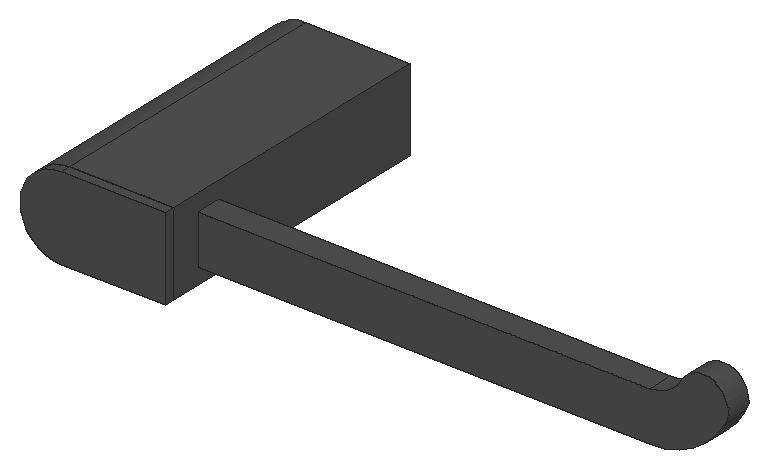
Revit family "Reece_Accessory_Mizu_Soothe_Toilet Roll Holder", category Plumbing Fixtures, host Face, Revit 2018
Family settings
  Host = Face
  Round Connector Dimension = Use Diameter
  Part Type = Normal
  Cut with Voids When Loaded = Yes
  Shared = Yes
  Room Calculation Point = Yes
Parameters (values of type "Matte Black")
  URL = "https://www.reece.com.au/product/-2268105"
  Type Comments = "Accessory\r\n"
  Reece_Product_Web Page = "https://www.reece.com.au/product/-2268105"
  Reece_Product_Type = "Accessory\r\n"  # constant formula
  Reece_Product_Sub Brand = "Soothe\r\n"  # constant formula
  Reece_Product_Number = "2268105"
  Reece_Product_Mount = "Wall Mounted"
  Reece_Product_Description = "Mizu Soothe Toilet Roll Holder Matte Black"
  Reece_Product_Brand = "Mizu\r\n"  # constant formula
  Reece_Overall_Projection = 73.5 mm  # constant formula
  Reece_Overall_Length = 163 mm  # constant formula
  Reece_Material_Main = Reece_Brass_Matte Black
  Reece_Height_From_Level [instance] = 1000 mm
  Reece_Detail_Shape = ""
  Reece_Detail_Installation = ""
  Reece_Detail_Disclaimer = "THIS FILE IS THE PROPERTY OF THE REECE GROUP. IT MAY NOT BE REPRODUCED, REVERSE-ENGINEERED OR MODIFIED. ANY REPUBLICATION, TRANSMISSION OR DISTRIBUTION FOR THE PURPOSE OF COMMERCIALLY EXPLOITING THE FILES IS PROHIBITED."  # constant formula
  Reece_Detail_Connector = ""  # constant formula
  Reece_Detail_Additional = "Toilet Roll Holder\r\n"  # constant formula
  Model = "Soothe\r\n"
  Manufacturer = "Mizu\r\n"
  Keynote = "Product #2268105, Reece_Accessory_Mizu_Soothe_Toilet Roll Holder - Matte Black"
  Disclaimer = "THIS FILE IS THE PROPERTY OF THE REECE GROUP. IT MAY NOT BE REPRODUCED, REVERSE-ENGINEERED OR MODIFIED. ANY REPUBLICATION, TRANSMISSION OR DISTRIBUTION FOR THE PURPOSE OF COMMERCIALLY EXPLOITING THE FILES IS PROHIBITED."  # constant formula
  Description = "Mizu Soothe Toilet Roll Holder Matte Black"
  Default Elevation = 0 mm
Types (3, lengths in mm): name | URL | Reece_Product_Web Page | Reece_Product_Number | Reece_Product_Description | Reece_Material_Main | Keynote | Description
  (no name) | "https://www.reece.com.au/product/-9504039" | "https://www.reece.com.au/product/-9504039" | "9504039" | "Mizu Soothe Toilet Roll Holder Chrome" | Reece_Brass_Chrome | "Product #9504039, Reece_Accessory_Mizu_Soothe_Toilet Roll Holder -  " | "Mizu Soothe Toilet Roll Holder Chrome"
  Chrome | "https://www.reece.com.au/product/-9504039" | "https://www.reece.com.au/product/-9504039" | "9504039" | "Mizu Soothe Toilet Roll Holder Chrome" | Reece_Brass_Chrome | "Product #9504039, Reece_Accessory_Mizu_Soothe_Toilet Roll Holder - Chrome" | "Mizu Soothe Toilet Roll Holder Chrome"
  Matte Black | "https://www.reece.com.au/product/-2268105" | "https://www.reece.com.au/product/-2268105" | "2268105" | "Mizu Soothe Toilet Roll Holder Matte Black" | Reece_Brass_Matte Black | "Product #2268105, Reece_Accessory_Mizu_Soothe_Toilet Roll Holder - Matte Black" | "Mizu Soothe Toilet Roll Holder Matte Black"
Reference planes
  plane 1 "Center (Front/Back)": y = 0
  plane 2 "Bottom Host Plane": z = -5
  plane 3 "Center (Left/Right)": x = 0
  plane 4 "Height From Floor": z = 1000
  plane 5: z = 1009.992
  plane 6: z = 990.008
  plane 7: y = -73.5
  plane 8: y = -37.483
  plane 9: z = 1013.558
  plane 10: x = -18.942
  plane 11: x = 144.058
  plane 12: x = 16.171
  plane 13: y = -72.487
Forms (mm)
  Sweep 1, solid, material "Reece_Brass_Matte Black" <- "Reece_Material_Main"
    path origin (656.826, 0, 1000) x (1, 0, 0) y (0, 1, 0)
      loop
        line (-656.826, 0) -> (-656.826, -70.987)
    profile origin (0, -35.493, 1000) x (1, 0, 0) y (0, 0, 1)
      loop
        line (16.171, 9.992) -> (-8.95, 9.992)
        arc (-8.95, 9.992) -> (-18.942, 0) -> (-8.95, -9.992) r 9.992
        line (-8.95, -9.992) -> (16.171, -9.992) -> (16.171, 9.992)
  Sweep 2, solid, material "Reece_Brass_Matte Black" <- "Reece_Material_Main"
    path origin (656.826, 0, 1000) x (1, 0, 0) y (0, 1, 0)
      loop
        line (-656.826, -70.987) -> (-656.826, -73.5)
    profile origin (0, -72.243, 1000) x (1, 0, 0) y (0, 0, 1)
      loop
        line (16.171, 10) -> (-8.95, 10)
        arc (-8.95, 10) -> (-18.942, 0.008) -> (-8.95, -9.984) r 9.992
        line (-8.95, -9.984) -> (16.171, -9.984) -> (16.171, 10)
  Extrusion 3, solid, material "Reece_Brass_Matte Black" <- "Reece_Material_Main"
    sketch origin (0, -37.483, 1000) x (0, 0, 1) y (-1, 0, 0)
      loop
        line (6.008, 0) -> (-6.008, 0) -> (-6.008, -125.012)
        arc (-6.008, -125.012) -> (-3.15, -135.586) -> (4.643, -143.282) r 20.997
        arc (4.643, -143.282) -> (12.78, -141.043) -> (10.568, -132.899) r 5.978
        arc (10.568, -132.899) -> (7.23, -129.57) -> (6.008, -125.017) r 9.091
        line (6.008, -125.017) -> (6.008, 0)
    from 20.26 to 26.268
  Sweep 4, solid, material "Reece_Brass_Matte Black" <- "Reece_Material_Main"
    path origin (656.826, 0, 1000) x (1, 0, 0) y (0, 1, 0)
      loop
        line (-656.826, -30.429) -> (-656.826, -37.483)
    profile origin (0, -33.956, 1000) x (1, 0, 0) y (0, 0, 1)
      loop
        line (-1.016, -0.86) -> (1.027, -0.86) -> (1.027, 0.86) -> (-1.016, 0.86) -> (-1.016, -0.86)
Cuts and joins
  joined: Sweep 1, Extrusion 3, Sweep 4
Lines and regions (mm)
  model lines, style "InvisibleLines"
    curve 1: line (0, 0, 1000) -> (0, 0, -5)
Text (mm)
  text "Reece ©" at (2555.391, -2309.951, 3151.47), in view "Reece Preview"
  text "Reece Copyright © 2018, Reece Ltd." at (165.932, -99.113, 0), in view "Ref. Level"
Dimensions and locks
  locked: plane 2 "Bottom Host Plane" to level at 5
  plane 5 to plane 6 = 19.984 mm
  "Reece_Height_From_Level": plane 4 "Height From Floor" to level
  plane 7 to plane 1 "Center (Front/Back)" = 73.5 mm
  "Reece_Overall_Projection": plane 1 "Center (Front/Back)" to plane 7
  plane 6 to plane 9 = 23.55 mm  (x3)
  plane 10 to plane 11 = 163 mm  (x2)
  "Reece_Overall_Length": plane 10 to plane 11
  plane 10 to cut or joined group of Sweep 1, Extrusion 3, Sweep 4 = 35.113 mm
  locked: plane 9 to plane 6 at 23.55
  plane 4 "Height From Floor" to level = 1000 mm  (x2)
  equal spacing: plane 5, plane 4 "Height From Floor", plane 6
  aligned and locked: Sweep 4 sketch curve to plane 3 "Center (Left/Right)"
  aligned and locked: plane 4 "Height From Floor" to curve 1
  aligned and locked: curve 1 to plane 3 "Center (Left/Right)"
  aligned and locked: Sweep 1 sketch curve to plane 3 "Center (Left/Right)"
  aligned and locked: Sweep 2 to Sweep 1 sketch curve
  aligned and locked: plane 2 "Bottom Host Plane" to curve 1
Automatic sketch dimensions
  Sweep 1 sketch curve to plane 4 "Height From Floor" = 0 mm
  profile plane to Sweep 1 sketch curve = 8.95 mm
  Sweep 1 sketch curve to profile plane = 16.171 mm
  Sweep 1 sketch curve to plane 4 "Height From Floor" = 9.992 mm
  Sweep 2 sketch curve to plane 3 "Center (Left/Right)" = 0 mm
  plane 7 to Sweep 2 sketch curve = 0 mm
  Sweep 2 sketch curve to plane 7 = 2.513 mm
  plane 4 "Height From Floor" to Sweep 2 sketch curve = 0.008 mm
  profile plane to Sweep 2 sketch curve = 8.95 mm
  Sweep 2 sketch curve to profile plane = 16.171 mm
  Sweep 2 sketch curve to plane 4 "Height From Floor" = 9.984 mm
  plane 8 to Sweep 4 sketch curve = 0 mm
  Sweep 4 sketch curve to Sweep 4 sketch curve = 7.054 mm
  profile plane to Sweep 4 sketch curve = 1.016 mm
  Sweep 4 sketch curve to profile plane = 1.027 mm
  Sweep 4 sketch curve to plane 4 "Height From Floor" = 0.86 mm
  plane 4 "Height From Floor" to Sweep 4 sketch curve = 0.86 mm
  plane 1 "Center (Front/Back)" to Sweep 1 sketch curve = 0 mm
  Extrusion 3 sketch curve to Sweep 4 = 1.016 mm
  Sweep 4 to Extrusion 3 sketch curve = 5.147 mm  (x2)
  Sweep 4 to Extrusion 3 sketch curve = 6.728 mm
  Extrusion 3 sketch curve to Extrusion 3 sketch curve = 8.982 mm
  Extrusion 3 sketch curve to Extrusion 3 sketch curve = 0.11 mm
  Sweep 4 to Extrusion 3 sketch curve = 123.984 mm
  Extrusion 3 sketch curve to Extrusion 3 sketch curve = 0.005 mm
  Extrusion 3 sketch curve to Extrusion 3 sketch curve = 13.064 mm
  Extrusion 3 sketch curve to Extrusion 3 sketch curve = 0 mm
